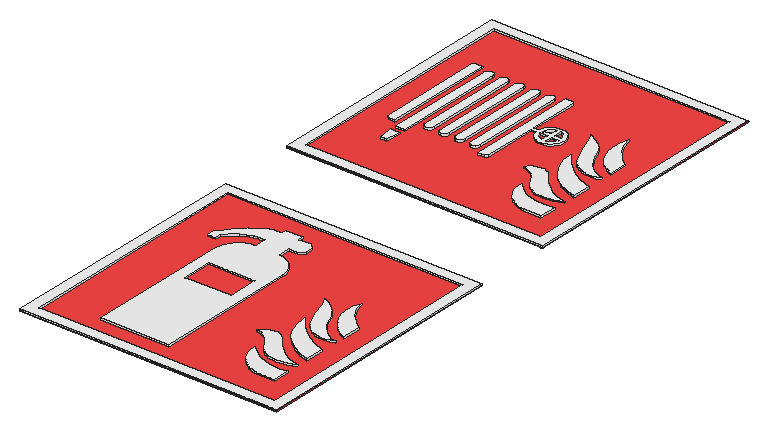
Revit family "GRAS_HW-25N-K-20-30 HS Z", category Osprzęt hydrauliczny, Revit 2018
Family settings
  Obiekt nadrzędny = Powierzchnia
  Wymiar okrągłego złącza = Użyj średnicy
  Typ części = Normalny
  Tnij formami wycięć po wczytaniu = Nie
  Współdzielony = Nie
  Punkt obliczania pomieszczeń = Nie
Parameters (values of type "HW-25N-20/30 HS-Z, RAL3000")
  W1 = 100 mm
  URL = "http://www.gras.pl/"
  Top Right Supply Connection = ""
  Top Left Supply Connection = ""
  Side Right Supply Connection = ""
  Side Left Supply Connection = ""
  Producent = "GRAS PPPH"
  Pictogram_height = 90 mm
  Opis = "http://gras.pl/wp-content/uploads/2020/01/gras-hw-25n-k-20-30-hs-z.pdf"
  Model = "HW-25N-K-20/30 HS-Z, RAL3000"
  K Factor = 42
  H1 = 130 mm
  Flow = 60.0 L/s
  Door_Right - Door_Left [instance] = no
  Default Elevation = 0 mm
  DN = 25 mm
  D1 = 100 mm
  Cabinet width = 995 mm
  Cabinet material = DC01, RAL3000
  Cabinet height = 895 mm
  Cabinet depth = 220 mm
  Back Right Supply Connection = ""
  Back Left Supply Connection = ""
  0 = 0 mm
Types (2, lengths in mm): name | Model | Cabinet material
  HW-25N-20/30 HS-Z, RAL9010 | "HW-25N-K-20/30 HS-Z, RAL9010" | DC01, RAL9010
  HW-25N-20/30 HS-Z, RAL3000 | "HW-25N-K-20/30 HS-Z, RAL3000" | DC01, RAL3000
Reference planes
  plane 1 "Środek (Przód/Tył)": y = 0
  plane 2: z = 0
  plane 3 "Środek (Lewa/Prawa)": x = 0
  plane 4: y = 447.5
  plane 5: y = -447.5
  plane 6: x = -497.5
  plane 7: x = 497.5
  plane 8: z = 220
  plane 9: z = 130
  plane 10: x = 397.5
  plane 11: z = 0
  plane 12: x = -397.5
  plane 13: z = 130
  plane 14: z = 130
Forms (mm)
  Extrusion 1, solid, not visible
    sketch origin (0, 0, 0) x (1, 0, 0) y (0, 1, 0)
      loop
        line (-1219.2, 1219.2) -> (-1219.2, -1219.2) -> (1219.2, -1219.2) -> (1219.2, 1219.2) -> (-1219.2, 1219.2)
    from 0 to -304.8
Dimensions and locks
  equal spacing: plane 4, plane 1 "Środek (Przód/Tył)", plane 5
  "Cabinet height": plane 4 to plane 5
  equal spacing: plane 6, plane 3 "Środek (Lewa/Prawa)", plane 7
  "Cabinet width": plane 6 to plane 7
  "Cabinet depth": plane 8 to Extrusion 1
  "0": nested 1 to plane 8
  "0": plane 3 "Środek (Lewa/Prawa)" to nested 1
  "0": plane 3 "Środek (Lewa/Prawa)" to nested 2
  "0": plane 1 "Środek (Przód/Tył)" to nested 2
  "Pictogram_height": plane 4 to nested 1
  "0": nested 2 to nested 3
  locked: nested 1 to nested 3 at 45
  aligned and locked: plane 2 to Extrusion 1
  aligned and locked: level to Extrusion 1
Automatic sketch dimensions
  Extrusion 1 sketch curve to Extrusion 1 sketch curve = 2438.4 mm  (x2)
Nested families
  nested 1: "pictogram_hydrant" at (0, 282.5, 220), type "150x150"
  nested 2: "Cabinet_complet" at (0, 0, 0), visible <- "Door_Right - Door_Left", type "Cabinet_complet"
    with Visible_Right yes, Left_Right no, Width 995 mm, Flow 60.0 L/s, Door_Width 995 mm, Door_Rubber 198 mm, Depth 220 mm
  nested 3: "pictogram_fire_extinguisher" at (0, 87.5, 220), type "150x150"
Connectors
  piping at (496.5, 317.5, 100), diameter 25, driven by "DN", driven by "Flow"
    settings: on nested 2, index 1, connector inside diameter 609.6 mm, connector length 0 mm, flow factor 0, pipe flow 60.0 L/s, pressure drop 0.0 Pa, fitting loss kfactor 0, connector angle 0.00°, fixture units 0, engagement length 0 mm, angle of deflection 0.00°, flow configuration 0, flow direction 0, fitting loss method 0, system type 7, joint type 0, gender type 0, connector reference index -1, connector utility 0, adjustable connector no, is connector primary yes, connector description ""
  piping at (397.5, 317.5, 1), diameter 25, driven by "DN", driven by "Flow"
    settings: on nested 2, index 2, connector inside diameter 609.6 mm, connector length 0 mm, flow factor 0, pipe flow 60.0 L/s, pressure drop 0.0 Pa, fitting loss kfactor 0, connector angle 0.00°, fixture units 0, engagement length 0 mm, angle of deflection 0.00°, flow configuration 0, flow direction 0, fitting loss method 0, system type 7, joint type 0, gender type 0, connector reference index -1, connector utility 0, adjustable connector no, is connector primary no, connector description ""
  piping at (-497.5, 317.5, 100), diameter 25, driven by "DN", driven by "Flow"
    settings: on nested 2, index 3, connector inside diameter 609.6 mm, connector length 0 mm, flow factor 0, pipe flow 60.0 L/s, pressure drop 0.0 Pa, fitting loss kfactor 0, connector angle 0.00°, fixture units 0, engagement length 0 mm, angle of deflection 0.00°, flow configuration 0, flow direction 0, fitting loss method 0, system type 19, joint type 0, gender type 0, connector reference index -1, connector utility 0, adjustable connector no, is connector primary no, connector description ""
  piping at (-397.5, 317.5, 0), diameter 25, driven by "DN"
    settings: on nested 2, index 4, connector inside diameter 609.6 mm, connector length 0 mm, flow factor 0, pipe flow 0.0 L/s, pressure drop 0.0 Pa, fitting loss kfactor 0, connector angle 0.00°, fixture units 0, engagement length 0 mm, angle of deflection 0.00°, flow configuration 0, flow direction 0, fitting loss method 0, system type 19, joint type 0, gender type 0, connector reference index -1, connector utility 0, adjustable connector no, is connector primary no, connector description ""
Definition of nested family "pictogram_hydrant"
  Parameters (values of type "150x150")
    pictogram_color_white = none
    pictogram_color_red = none
    W = 150 mm
    H = 150 mm
    Default Elevation = 1219.2 mm
  Reference planes
    plane 1 "Środek (Przód/Tył)": y = 0
    plane 2: z = 0
    plane 3 "Środek (Lewa/Prawa)": x = 0
    plane 4: x = -75
    plane 5: x = 75
    plane 6: y = 75
    plane 7: x = -75
    plane 8: x = 75
    plane 9: y = 75
    plane 10: y = -75
  Forms (mm)
    Extrusion 1, solid, material <- "pictogram_color_white", detail levels fine
      sketch origin (0, 0, 0) x (1, 0, 0) y (0, 1, 0)
        loop
          arc (-42.375, 34.5) -> (-45, 37.125) -> (-47.625, 34.5) r 2.625
          line (-47.625, 34.5) -> (-47.625, -29.625) -> (-42.375, -29.625) -> (-42.375, 34.5)
        loop
          arc (-38.625, -19.5) -> (-36, -22.125) -> (-33.375, -19.5) r 2.625
          line (-33.375, -19.5) -> (-33.375, 34.5)
          arc (-33.375, 34.5) -> (-36, 37.125) -> (-38.625, 34.5) r 2.625
          line (-38.625, 34.5) -> (-38.625, -19.5)
        loop
          arc (-29.625, -19.5) -> (-27, -22.125) -> (-24.375, -19.5) r 2.625
          line (-24.375, -19.5) -> (-24.375, 34.5)
          arc (-24.375, 34.5) -> (-27, 37.125) -> (-29.625, 34.5) r 2.625
          line (-29.625, 34.5) -> (-29.625, -19.5)
        loop
          arc (-20.625, -19.5) -> (-18, -22.125) -> (-15.375, -19.5) r 2.625
          line (-15.375, -19.5) -> (-15.375, 34.5)
          arc (-15.375, 34.5) -> (-18, 37.125) -> (-20.625, 34.5) r 2.625
          line (-20.625, 34.5) -> (-20.625, -19.5)
        loop
          arc (-11.625, -19.5) -> (-9, -22.125) -> (-6.375, -19.5) r 2.625
          line (-6.375, -19.5) -> (-6.375, 34.5)
          arc (-6.375, 34.5) -> (-9, 37.125) -> (-11.625, 34.5) r 2.625
          line (-11.625, 34.5) -> (-11.625, -19.5)
        loop
          arc (8.096, 6.375) -> (9.601, 3.593) -> (12.375, 2.075) r 5.587
          line (12.375, 2.075) -> (12.375, 6.375) -> (8.096, 6.375)
        loop
          arc (14.625, 2.05) -> (17.477, 3.549) -> (19.026, 6.375) r 5.587
          line (19.026, 6.375) -> (14.625, 6.375) -> (14.625, 2.05)
        loop
          arc (12.375, 12.994) -> (9.576, 11.45) -> (8.081, 8.625) r 5.587
          line (8.081, 8.625) -> (12.375, 8.625) -> (12.375, 12.994)
        loop
          arc (19.04, 8.625) -> (17.502, 11.494) -> (14.625, 13.019) r 5.587
          line (14.625, 13.019) -> (14.625, 8.625) -> (19.04, 8.625)
        loop
          arc (30.735, -35.586) -> (34.985, -47.78) -> (46.5, -53.625) r 17.285
          line (46.5, -53.625) -> (56.625, -53.625) -> (56.625, -43.857)
          arc (56.625, -43.857) -> (42.542, -43.284) -> (30.735, -35.586) r 26.558
        loop
          arc (43.5, 26.625) -> (44.037, 9.214) -> (56.632, -2.819) r 22.981
          line (56.632, -2.819) -> (56.601, 7.732)
          arc (56.601, 7.732) -> (48.159, 15.867) -> (43.5, 26.625) r 29.857
        loop
          arc (36.375, -1.5) -> (44.77, -9.178) -> (56.121, -8.425) r 14.487
          arc (56.121, -8.425) -> (50.239, -6.221) -> (45.629, -1.954) r 16.287
          arc (45.629, -1.954) -> (42.437, 2.964) -> (40.404, 8.464) r 26.509
          arc (40.404, 8.464) -> (34.776, 15.029) -> (27.375, 19.5) r 27.251
          arc (27.375, 19.5) -> (29.19, 16.657) -> (30.375, 13.5) r 16.152
          arc (30.375, 13.5) -> (32.842, 5.787) -> (36.375, -1.5) r 57.118
        loop
          line (75, -75) -> (75, 75) -> (-75, 75) -> (-75, -75) -> (75, -75)
        loop
          line (69, -69) -> (69, 69) -> (-69, 69) -> (-69, -69) -> (69, -69)
        loop
          line (-55.125, -25.5) -> (-51.375, -25.5) -> (-51.375, 38.625) -> (-55.125, 38.625) -> (-56.625, 37.125) -> (-56.625, -24) -> (-55.125, -25.5)
        loop
          line (-43.234, -41.671) -> (-42.368, -33.375) -> (-47.658, -33.375) -> (-46.721, -41.671) -> (-43.234, -41.671)
        loop
          line (5.748, 8.625) -> (2.625, 8.625) -> (2.625, 37.125) -> (1.125, 38.625) -> (-2.625, 38.625) -> (-2.625, -25.5) -> (1.125, -25.5) -> (2.625, -24) -> (2.625, 6.375) -> (5.748, 6.375)
          arc (5.748, 6.375) -> (21.333, 7.5) -> (5.748, 8.625) r 7.833
        loop
          arc (56.626, -18.699) -> (42.495, -11.687) -> (31.5, -0.375) r 46.748
          arc (31.5, -0.375) -> (38.925, -19.413) -> (56.626, -29.624) r 30.825
          line (56.626, -29.624) -> (56.626, -18.699)
        loop
          arc (30.403, -18.389) -> (25.366, -19.297) -> (21.375, -22.5) r 10.383
          arc (21.375, -22.5) -> (27.7, -25.134) -> (32.166, -30.331) r 14.829
          arc (32.166, -30.331) -> (35.524, -35.29) -> (40.5, -38.625) r 15.649
          arc (40.5, -38.625) -> (48.741, -38.75) -> (56.621, -36.335) r 26.465
          arc (56.621, -36.335) -> (49.534, -34.515) -> (43.5, -30.375) r 21.005
          arc (43.5, -30.375) -> (39.113, -26.466) -> (35.439, -21.881) r 35.088
          arc (35.439, -21.881) -> (33.209, -19.719) -> (30.403, -18.389) r 9.54
      from 0.2 to 1
    Extrusion 2, solid, material <- "pictogram_color_red", detail levels fine
      sketch origin (0, 0, 0) x (1, 0, 0) y (0, 1, 0)
        loop
          line (-75, 75) -> (-75, -75) -> (75, -75) -> (75, 75) -> (-75, 75)
      from 0 to 0.2
  Dimensions and locks
    equal spacing: plane 7, plane 3 "Środek (Lewa/Prawa)", plane 8
    "W": plane 7 to plane 8
    equal spacing: plane 9, plane 1 "Środek (Przód/Tył)", plane 10
    "H": plane 9 to plane 10
    aligned and locked: level to plane 2
    aligned and locked: Extrusion 1 to Extrusion 2  (x2)
    aligned and locked: Extrusion 2 to Extrusion 1  (x3)
    aligned and locked: Extrusion 1 to plane 7
    aligned and locked: plane 8 to Extrusion 1
    aligned and locked: plane 9 to Extrusion 1
    aligned and locked: Extrusion 1 to plane 10
  Automatic sketch dimensions
    Extrusion 1 sketch curve to Extrusion 1 sketch curve = 0 mm  (x22)
    Extrusion 1 sketch curve to plane 4 = 0 mm
    Extrusion 1 sketch curve to plane 5 = 0 mm
    Extrusion 1 sketch curve to plane 6 = 0 mm
    plane 4 to Extrusion 1 sketch curve = 6 mm
    plane 4 to Extrusion 1 sketch curve = 18.375 mm
    Extrusion 1 sketch curve to Extrusion 1 sketch curve = 1.5 mm  (x7)
    Extrusion 1 sketch curve to Extrusion 1 sketch curve = 3.75 mm  (x6)
    Extrusion 1 sketch curve to Extrusion 1 sketch curve = 3.717 mm
    Extrusion 1 sketch curve to Extrusion 1 sketch curve = 0.033 mm
    Extrusion 1 sketch curve to Extrusion 1 sketch curve = 0.938 mm
    Extrusion 1 sketch curve to Extrusion 1 sketch curve = 2.625 mm  (x7)
    Extrusion 1 sketch curve to Extrusion 1 sketch curve = 3.487 mm
    Extrusion 1 sketch curve to Extrusion 1 sketch curve = 0.007 mm
    Extrusion 1 sketch curve to plane 3 "Środek (Lewa/Prawa)" = 2.625 mm
    plane 3 "Środek (Lewa/Prawa)" to Extrusion 1 sketch curve = 1.125 mm  (x2)
    plane 3 "Środek (Lewa/Prawa)" to Extrusion 1 sketch curve = 2.625 mm
    Extrusion 1 sketch curve to Extrusion 1 sketch curve = 3.123 mm
    Extrusion 1 sketch curve to Extrusion 1 sketch curve = 2.333 mm
    Extrusion 1 sketch curve to Extrusion 1 sketch curve = 0.014 mm  (x2)
    Extrusion 1 sketch curve to Extrusion 1 sketch curve = 4.294 mm
    Extrusion 1 sketch curve to Extrusion 1 sketch curve = 1.125 mm  (x2)
    Extrusion 1 sketch curve to Extrusion 1 sketch curve = 0.061 mm
    Extrusion 1 sketch curve to Extrusion 1 sketch curve = 1.064 mm  (x2)
    Extrusion 1 sketch curve to Extrusion 1 sketch curve = 0.118 mm
    Extrusion 1 sketch curve to Extrusion 1 sketch curve = 2.539 mm
    plane 3 "Środek (Lewa/Prawa)" to Extrusion 1 sketch curve = 18.99 mm
    Extrusion 1 sketch curve to Extrusion 1 sketch curve = 4.401 mm
    Extrusion 1 sketch curve to Extrusion 1 sketch curve = 8.783 mm
    Extrusion 1 sketch curve to Extrusion 1 sketch curve = 1.895 mm
    plane 1 "Środek (Przód/Tył)" to Extrusion 1 sketch curve = 12.549 mm
    Extrusion 1 sketch curve to Extrusion 1 sketch curve = 15.349 mm
    Extrusion 1 sketch curve to plane 5 = 28.5 mm
    Extrusion 1 sketch curve to Extrusion 1 sketch curve = 1.545 mm
    Extrusion 1 sketch curve to Extrusion 1 sketch curve = 1.437 mm
    Extrusion 1 sketch curve to plane 1 "Środek (Przód/Tył)" = 4.493 mm
    Extrusion 1 sketch curve to Extrusion 1 sketch curve = 4.546 mm
    Extrusion 1 sketch curve to Extrusion 1 sketch curve = 4.061 mm
    Extrusion 1 sketch curve to Extrusion 1 sketch curve = 7.037 mm
    Extrusion 1 sketch curve to Extrusion 1 sketch curve = 10.125 mm
    Extrusion 1 sketch curve to Extrusion 1 sketch curve = 8.626 mm
    plane 1 "Środek (Przód/Tył)" to Extrusion 1 sketch curve = 2.819 mm
    Extrusion 1 sketch curve to Extrusion 1 sketch curve = 7.068 mm
    Extrusion 1 sketch curve to Extrusion 1 sketch curve = 1.594 mm
    Extrusion 1 sketch curve to Extrusion 1 sketch curve = 2.188 mm
    Extrusion 1 sketch curve to plane 1 "Środek (Przód/Tył)" = 0.672 mm
    Extrusion 1 sketch curve to Extrusion 1 sketch curve = 5.675 mm
    plane 1 "Środek (Przód/Tył)" to Extrusion 1 sketch curve = 2.314 mm
    Extrusion 1 sketch curve to Extrusion 1 sketch curve = 2.258 mm
    Extrusion 1 sketch curve to plane 5 = 9.975 mm
    Extrusion 1 sketch curve to Extrusion 1 sketch curve = 1.108 mm
    Extrusion 1 sketch curve to plane 5 = 6 mm
    Extrusion 1 sketch curve to plane 5 = 4.96 mm
    Extrusion 1 sketch curve to plane 5 = 2.306 mm
    plane 5 to Extrusion 1 sketch curve = 10.875 mm
    Extrusion 1 sketch curve to Extrusion 1 sketch curve = 12.572 mm
    Extrusion 1 sketch curve to Extrusion 1 sketch curve = 5.437 mm
    Extrusion 1 sketch curve to Extrusion 1 sketch curve = 3.308 mm
    plane 1 "Środek (Przód/Tył)" to Extrusion 1 sketch curve = 19.5 mm
    Extrusion 1 sketch curve to Extrusion 1 sketch curve = 4.5 mm  (x2)
    Extrusion 1 sketch curve to Extrusion 1 sketch curve = 6.213 mm
    Extrusion 1 sketch curve to Extrusion 1 sketch curve = 3.361 mm
    Extrusion 1 sketch curve to Extrusion 1 sketch curve = 1.186 mm
    Extrusion 1 sketch curve to Extrusion 1 sketch curve = 10.925 mm
    Extrusion 1 sketch curve to Extrusion 1 sketch curve = 4.125 mm
    Extrusion 1 sketch curve to Extrusion 1 sketch curve = 6.781 mm
    Extrusion 1 sketch curve to Extrusion 1 sketch curve = 9.577 mm
    Extrusion 1 sketch curve to Extrusion 1 sketch curve = 8.296 mm
    Extrusion 1 sketch curve to Extrusion 1 sketch curve = 7.452 mm
    Extrusion 1 sketch curve to Extrusion 1 sketch curve = 9.768 mm
    Extrusion 1 sketch curve to Extrusion 1 sketch curve = 27.329 mm
    Extrusion 1 sketch curve to Extrusion 1 sketch curve = 6 mm
    plane 1 "Środek (Przód/Tył)" to Extrusion 1 sketch curve = 5.765 mm
    Extrusion 1 sketch curve to plane 1 "Środek (Przód/Tył)" = 2.05 mm
    Extrusion 1 sketch curve to plane 1 "Środek (Przód/Tył)" = 2.075 mm
    Extrusion 1 sketch curve to Extrusion 1 sketch curve = 4.325 mm
    Extrusion 1 sketch curve to Extrusion 1 sketch curve = 0.034 mm
    Extrusion 1 sketch curve to plane 1 "Środek (Przód/Tył)" = 7.642 mm
    Extrusion 1 sketch curve to Extrusion 1 sketch curve = 0.09 mm
    Extrusion 1 sketch curve to Extrusion 1 sketch curve = 2.25 mm
    Extrusion 1 sketch curve to Extrusion 1 sketch curve = 0.809 mm
    Extrusion 1 sketch curve to Extrusion 1 sketch curve = 7.206 mm
    Extrusion 1 sketch curve to Extrusion 1 sketch curve = 3.727 mm
    Extrusion 1 sketch curve to Extrusion 1 sketch curve = 7.508 mm
    Extrusion 1 sketch curve to Extrusion 1 sketch curve = 0.917 mm
    Extrusion 1 sketch curve to Extrusion 1 sketch curve = 6.797 mm
    Extrusion 1 sketch curve to plane 1 "Środek (Przód/Tył)" = 34.5 mm
    Extrusion 1 sketch curve to plane 6 = 6 mm
    Extrusion 1 sketch curve to Extrusion 1 sketch curve = 6.399 mm
    Extrusion 1 sketch curve to Extrusion 1 sketch curve = 8.335 mm
    Extrusion 1 sketch curve to Extrusion 1 sketch curve = 3 mm
    Extrusion 1 sketch curve to Extrusion 1 sketch curve = 2.63 mm
    Extrusion 1 sketch curve to Extrusion 1 sketch curve = 2.497 mm
    Extrusion 1 sketch curve to Extrusion 1 sketch curve = 5.036 mm
    plane 1 "Środek (Przód/Tył)" to Extrusion 1 sketch curve = 1.5 mm
    Extrusion 1 sketch curve to Extrusion 1 sketch curve = 4.875 mm
    Extrusion 1 sketch curve to plane 1 "Środek (Przód/Tył)" = 8.464 mm
    Extrusion 1 sketch curve to Extrusion 1 sketch curve = 7.5 mm
    Extrusion 1 sketch curve to Extrusion 1 sketch curve = 3.063 mm
    plane 1 "Środek (Przód/Tył)" to Extrusion 1 sketch curve = 1.954 mm
    Extrusion 1 sketch curve to Extrusion 1 sketch curve = 0.005 mm
    Extrusion 2 sketch curve to plane 4 = 0 mm
    Extrusion 2 sketch curve to plane 5 = 0 mm
    Extrusion 2 sketch curve to plane 6 = 0 mm
    plane 1 "Środek (Przód/Tył)" to Extrusion 2 sketch curve = 75 mm
Definition of nested family "Cabinet_complet"
  Parameters (values of type "Cabinet_complet")
    W1 = 100 mm
    Visible_Right = not(Left_Right)  # no
    Thickness = 1 mm
    Rubber = 8 mm
    Roof = 40 mm
    Material_hinge_lock = none
    Material = none
    Left_Right = yes
    Hinge_H2 = Height - Roof - Frame - 100 mm  # 733 mm
    Hinge_H1 = 100 mm
    Half_Height = Height / 2  # 447.5 mm
    Height = 895 mm
    Width = 795 mm
    H1 = 130 mm
    Gap = 4 mm
    Frame = 22 mm
    Flow = 35.0 L/s
    Door_Width = Width  # 795 mm
    Door_Rubber = Depth - Door_Depth  # 228 mm
    Door_Height = Height - Gap - Roof - Frame  # 829 mm
    Door_Half_Height = Door_Height / 2  # 414.5 mm
    Door_Depth = 22 mm
    Depth = 250 mm
    DN_Hole = DN + 20 mm  # 45 mm
    DN = 25 mm
    D1 = 100 mm
    0 = 0 mm
  Reference planes
    plane 1 "Środek (Przód/Tył)": y = 0
    plane 2: z = 0
    plane 3 "Środek (Lewa/Prawa)": x = 0
    plane 4: z = 250
    plane 5: y = 895
    plane 6: y = -447.5
    plane 7: x = 397.5
    plane 8: x = -397.5
    plane 9: y = -33
  Dimensions and locks
    "0": plane 3 "Środek (Lewa/Prawa)" to nested 1
    "0": plane 1 "Środek (Przód/Tył)" to nested 1
    "Height": plane 5 to plane 1 "Środek (Przód/Tył)"
    "0": plane 3 "Środek (Lewa/Prawa)" to nested 2
    "Door_Rubber": nested 2 to plane 2
    "Half_Height": plane 1 "Środek (Przód/Tył)" to plane 6
    "0": nested 2 to plane 6
    equal spacing: plane 7, plane 3 "Środek (Lewa/Prawa)", plane 8
    "Width": plane 7 to plane 8
    "Depth": plane 4 to level
    "0": nested 3 to plane 8
    "0": nested 4 to plane 8
    "Hinge_H1": plane 6 to nested 4
    "Hinge_H2": nested 3 to plane 6
    "Gap": nested 3 to plane 4
    "Gap": plane 4 to nested 4
    "0": nested 6 to plane 8
    "0": plane 7 to nested 5
    "Door_Half_Height": plane 9 to plane 6
    "0": plane 9 to nested 5
    "0": nested 6 to plane 9
    "Gap": nested 6 to plane 4
    "Gap": plane 4 to nested 5
    "0": plane 3 "Środek (Lewa/Prawa)" to nested 7
    "0": nested 7 to plane 1 "Środek (Przód/Tył)"
    "0": plane 7 to nested 8
    "0": plane 7 to nested 9
    "Hinge_H1": plane 6 to nested 9
    "Hinge_H2": plane 6 to nested 8
    "Gap": plane 4 to nested 9
    "Gap": plane 4 to nested 8
    aligned and locked: level to plane 2
  Nested families
    nested 1: "HS-Z v2" at (0, 0, 0), visible <- "Visible_Right", type "HS-Z v2"
      with Srednica 45 mm
    nested 2: "door" at (0, -33, 228), type "door"
    nested 3: "zawias" at (-402.5, 310.5, 216) x (-1, 0, 0) z (0, 0, 1), visible <- "Left_Right", type "zawias"
    nested 4: "zawias" at (-402.5, -322.5, 216) x (-1, 0, 0) z (0, 0, 1), visible <- "Left_Right", type "zawias"
    nested 5: "zamek" at (397.5, -33, 211), visible <- "Left_Right", type "zamek"
    nested 6: "zamek" at (-397.5, -33, 211) x (-1, 0, 0) z (0, 0, 1), visible <- "Visible_Right", type "zamek"
    nested 7: "HS-Z v2" at (0, 0, 0) x (-1, 0, 0) z (0, 0, 1), visible <- "Left_Right", type "HS-Z v2"
      with Srednica 45 mm
    nested 8: "zawias" at (402.5, 310.5, 216), visible <- "Visible_Right", type "zawias"
    nested 9: "zawias" at (402.5, -322.5, 216), visible <- "Visible_Right", type "zawias"
  Definition of nested family "HS-Z v2"
    Parameters (values of type "HS-Z v2")
      Width = 795 mm
      W1 = 100 mm
      D1 = 100 mm
      Thickness = 1 mm
      Srednica = 100 mm
      Rubber = 8 mm
      Roof_out = 10 mm
      Roof_Height = 40 mm
      Materiał = none
      Height = 895 mm
      H1 = 130 mm
      Frame = 22 mm
      Door_Depth_rubber = Door_Depth + Rubber  # 30 mm
      Door_Depth = 22 mm
      Depth = 250 mm
      DN = 45 mm
      Cabinet_depth = Depth - Door_Depth_rubber  # 220 mm
      0 = 0 mm
    Reference planes
      plane 1 "Środek (Przód/Tył)": y = 0
      plane 2: z = 0
      plane 3 "Środek (Lewa/Prawa)": x = 0
      plane 4: x = -397.5
      plane 5: x = 397.5
      plane 6: y = 447.5
      plane 7: y = -447.5
      plane 8: z = 250
      plane 9: z = 220
      plane 10: y = 407.5
      plane 11: y = 385.5
      plane 12: z = 260
      plane 13: y = 363.5
      plane 14: z = 259
      plane 15: z = 1
      plane 16: y = -446.5
      plane 17: z = 219
      plane 18: y = 446.5
      plane 19: y = 386.5
      plane 20: y = 406.5
      plane 21: x = 396.5
      plane 22: x = -396.5
      plane 23: x = -375.5
      plane 24: x = 375.5
      plane 25: y = -425.5
      plane 26: y = 317.5
      plane 27: z = 100
      plane 28: x = 297.5
    Forms (mm)
      Extrusion 1, solid, material <- "Materiał"
        sketch origin (0, 0, 0) x (0, 1, 0) y (0, 0, 1)
          loop
            line (447.5, 0) -> (407.5, 260) -> (385.5, 260) -> (391.654, 220) -> (-447.5, 220) -> (-447.5, 0) -> (447.5, 0)
        from -397.5 to 397.5
      Extrusion 2, void
        sketch origin (0, 0, 0) x (0, 1, 0) y (0, 0, 1)
          loop
            line (446.5, 1) -> (406.5, 259) -> (386.5, 259) -> (392.702, 219) -> (-446.5, 219) -> (-446.5, 1) -> (446.5, 1)
        from -396.5 to 396.5
      Extrusion 3, void
        sketch origin (0, 0, 0) x (1, 0, 0) y (0, 1, 0)
          loop
            line (-375.5, 363.5) -> (-375.5, -425.5) -> (375.5, -425.5) -> (375.5, 363.5) -> (-375.5, 363.5)
        from 1 to 260
      Extrusion 4, void
        sketch origin (0, 0, 0) x (1, 0, 0) y (0, 1, 0)
          loop
            circle (297.5, 317.5) r 22.5
        from 0 to 110
      Extrusion 5, void
        sketch origin (397.5, 0, 0) x (0, -1, 0) y (0, 0, 1)
          loop
            circle (-317.5, 100) r 22.5
        from 0 to 1
    Cuts and joins
      Extrusion 2, Extrusion 3, Extrusion 4, Extrusion 5 cuts Extrusion 1
    Dimensions and locks
      equal spacing: plane 4, plane 3 "Środek (Lewa/Prawa)", plane 5
      "Width": plane 4 to plane 5
      equal spacing: plane 6, plane 1 "Środek (Przód/Tył)", plane 7
      "Height": plane 6 to plane 7
      "Roof_Height": plane 6 to plane 10
      "Frame": plane 10 to plane 11
      "Cabinet_depth": plane 9 to plane 2
      "Depth": plane 8 to plane 2
      "Roof_out": plane 12 to plane 8
      "Frame": plane 11 to plane 13
      "Thickness": plane 12 to plane 14
      "Thickness": plane 15 to plane 2
      "Thickness": plane 16 to plane 7
      "Thickness": plane 9 to plane 17
      "Thickness": plane 6 to plane 18
      "Thickness": plane 19 to plane 11
      "Thickness": plane 10 to plane 20
      "Thickness": plane 4 to plane 22
      "Thickness": plane 21 to plane 5
      "Frame": plane 25 to plane 7
      "Frame": plane 4 to plane 23
      "Frame": plane 24 to plane 5
      "0": cut or joined group of Extrusion 1, Extrusion 2, Extrusion 3, Extrusion 4, Extrusion 5 to plane 5
      "0": plane 4 to cut or joined group of Extrusion 1, Extrusion 2, Extrusion 3, Extrusion 4, Extrusion 5
      "0": plane 22 to cut or joined group of Extrusion 1, Extrusion 2, Extrusion 3, Extrusion 4, Extrusion 5
      "0": cut or joined group of Extrusion 1, Extrusion 2, Extrusion 3, Extrusion 4, Extrusion 5 to plane 21
      "0": plane 12 to cut or joined group of Extrusion 1, Extrusion 2, Extrusion 3, Extrusion 4, Extrusion 5
      "D1": plane 27 to level
      "H1": plane 6 to plane 26
      "W1": plane 28 to plane 5
      "0": cut or joined group of Extrusion 1, Extrusion 2, Extrusion 3, Extrusion 4, Extrusion 5 to cut or joined group of Extrusion 1, Extrusion 2, Extrusion 3, Extrusion 4, Extrusion 5
      "0": plane 21 to cut or joined group of Extrusion 1, Extrusion 2, Extrusion 3, Extrusion 4, Extrusion 5
      "0": Extrusion 5 sketch curve to plane 26
      "0": Extrusion 5 sketch curve to plane 27
      "DN": diameter of Extrusion 4 sketch curve
      "DN": diameter of Extrusion 5 sketch curve
      aligned and locked: level to plane 2
    Automatic sketch dimensions
      Extrusion 1 sketch curve to plane 7 = 0 mm
      Extrusion 1 sketch curve to plane 11 = 0 mm
      Extrusion 1 sketch curve to plane 9 = 0 mm
      Extrusion 1 sketch curve to plane 10 = 0 mm
      Extrusion 1 sketch curve to level = 0 mm
      Extrusion 1 sketch curve to plane 6 = 0 mm
      Extrusion 1 sketch curve to plane 12 = 0 mm
      Extrusion 1 sketch curve to plane 11 = 6.154 mm
      Extrusion 2 sketch curve to plane 16 = 0 mm
      Extrusion 2 sketch curve to plane 15 = 0 mm
      Extrusion 2 sketch curve to plane 14 = 0 mm
      Extrusion 2 sketch curve to plane 19 = 0 mm
      Extrusion 2 sketch curve to plane 17 = 0 mm
      Extrusion 2 sketch curve to plane 20 = 0 mm
      Extrusion 2 sketch curve to plane 18 = 0 mm
      Extrusion 2 sketch curve to plane 19 = 6.202 mm
      Extrusion 3 sketch curve to plane 23 = 0 mm
      plane 13 to Extrusion 3 sketch curve = 0 mm
      Extrusion 3 sketch curve to plane 24 = 0 mm
      Extrusion 3 sketch curve to plane 25 = 0 mm
      plane 26 to Extrusion 4 sketch curve = 0 mm
      Extrusion 4 sketch curve to plane 28 = 0 mm
  Definition of nested family "door"
    Parameters (values of type "door")
      Material = none
      Height = 829 mm
      Width = 795 mm
      Depth = 22 mm
      0 = 0 mm
    Reference planes
      plane 1 "Środek (Przód/Tył)": y = 0
      plane 2: z = 0
      plane 3 "Środek (Lewa/Prawa)": x = 0
      plane 4: x = -397.5
      plane 5: x = 397.5
      plane 6: y = 414.5
      plane 7: y = -414.5
      plane 8: z = 22
    Forms (mm)
      Extrusion 1, solid, material <- "Material"
        sketch origin (0, 0, 0) x (1, 0, 0) y (0, 1, 0)
          loop
            line (-397.5, 414.5) -> (-397.5, -414.5) -> (397.5, -414.5) -> (397.5, 414.5) -> (-397.5, 414.5)
        from 0 to 22
    Dimensions and locks
      equal spacing: plane 6, plane 1 "Środek (Przód/Tył)", plane 7
      equal spacing: plane 4, plane 3 "Środek (Lewa/Prawa)", plane 5
      "Width": plane 4 to plane 5
      "Height": plane 6 to plane 7
      "Depth": plane 8 to plane 2
      "0": plane 8 to Extrusion 1
      aligned and locked: level to plane 2
    Automatic sketch dimensions
      Extrusion 1 sketch curve to plane 4 = 0 mm
      Extrusion 1 sketch curve to plane 5 = 0 mm
      Extrusion 1 sketch curve to plane 7 = 0 mm
      Extrusion 1 sketch curve to plane 6 = 0 mm
  Definition of nested family "zawias"
    Parameters (values of type "zawias")
      width_height = 50 mm
      faza = 3 mm
      Visible = yes
      Materiał = none
      Depth = 10 mm
    Reference planes
      plane 1 "Środek (Przód/Tył)": y = 0
      plane 2: z = 0
      plane 3 "Środek (Lewa/Prawa)": x = 0
      plane 4: x = -25
      plane 5: y = 25
      plane 6: x = 25
      plane 7: y = -25
      plane 8: z = 10
      plane 9: z = 7
      plane 10: x = -3
      plane 11: x = 3
      plane 12: x = 22
      plane 13: x = -22
    Forms (mm)
      Extrusion 1, solid, material <- "Materiał"
        sketch origin (-5, 0, 5) x (0, 0, -1) y (1, 0, 0)
          loop
            line (-25, 0) -> (25, 0) -> (25, 7) -> (22, 10) -> (3, 10) -> (0, 7) -> (-3, 10) -> (-22, 10) -> (-25, 7) -> (-25, 0)
        from -25 to 25
    Dimensions and locks
      equal spacing: plane 4, plane 3 "Środek (Lewa/Prawa)", plane 6
      "width_height": plane 4 to plane 6
      equal spacing: plane 5, plane 1 "Środek (Przód/Tył)", plane 7
      "width_height": plane 5 to plane 7
      "Depth": plane 8 to plane 2
      "faza": plane 8 to plane 9
      "faza": plane 13 to plane 4
      "faza": plane 3 "Środek (Lewa/Prawa)" to plane 10
      "faza": plane 11 to plane 3 "Środek (Lewa/Prawa)"
      "faza": plane 6 to plane 12
      aligned and locked: level to plane 2
    Automatic sketch dimensions
      Extrusion 1 sketch curve to plane 10 = 2 mm
      plane 8 to Extrusion 1 sketch curve = 20 mm
      plane 11 to Extrusion 1 sketch curve = 2 mm  (x2)
      Extrusion 1 sketch curve to Extrusion 1 sketch curve = 3 mm  (x2)
      plane 9 to Extrusion 1 sketch curve = 1 mm
      Extrusion 1 sketch curve to plane 9 = 2 mm
      level to Extrusion 1 sketch curve = 2 mm
      Extrusion 1 sketch curve to level = 17 mm
      Extrusion 1 sketch curve to plane 11 = 1 mm  (x2)
  Definition of nested family "zamek"
    Parameters (values of type "zamek")
      height = 20 mm
      depth = 10 mm
      border = 3 mm
      Width = 35 mm
      Material = none
    Reference planes
      plane 1 "Środek (Przód/Tył)": y = 0
      plane 2: z = 0
      plane 3 "Środek (Lewa/Prawa)": x = 0
      plane 4: y = 10
      plane 5: y = -10
      plane 6: y = -7
      plane 7: y = 7
      plane 8: x = 10
      plane 9: x = 3
      plane 10: y = 4
      plane 11: y = -4
      plane 12: z = 35
    Forms (mm)
      Extrusion 1, solid, material <- "Material"
        sketch origin (0, 0, 0) x (1, 0, 0) y (0, 1, 0)
          loop
            line (0, 10) -> (0, -10) -> (10, -10) -> (10, -7) -> (3, -7) -> (3, -4) -> (10, -4) -> (10, 4) -> (3, 4) -> (3, 7) -> (10, 7) -> (10, 10) -> (0, 10)
        from 0 to 35
    Dimensions and locks
      equal spacing: plane 4, plane 1 "Środek (Przód/Tył)", plane 5
      "height": plane 4 to plane 5
      "border": plane 6 to plane 5
      "border": plane 7 to plane 4
      "border": plane 3 "Środek (Lewa/Prawa)" to plane 9
      "depth": plane 3 "Środek (Lewa/Prawa)" to plane 8
      "border": plane 10 to plane 7
      "border": plane 11 to plane 6
      "Width": plane 12 to plane 2
      aligned and locked: level to plane 2
    Automatic sketch dimensions
      Extrusion 1 sketch curve to plane 3 "Środek (Lewa/Prawa)" = 0 mm
      Extrusion 1 sketch curve to plane 9 = 0 mm  (x2)
      plane 7 to Extrusion 1 sketch curve = 0 mm
      Extrusion 1 sketch curve to plane 8 = 0 mm  (x3)
      Extrusion 1 sketch curve to plane 6 = 0 mm
      Extrusion 1 sketch curve to plane 5 = 0 mm
      Extrusion 1 sketch curve to plane 11 = 0 mm
      plane 10 to Extrusion 1 sketch curve = 0 mm
      Extrusion 1 sketch curve to plane 4 = 0 mm
Definition of nested family "pictogram_fire_extinguisher"
  Parameters (values of type "150x150")
    pictogram_color_white = none
    pictogram_color_red = none
    W = 150 mm
    H = 150 mm
    Default Elevation = 1219.2 mm
  Reference planes
    plane 1 "Środek (Przód/Tył)": y = 0
    plane 2: z = 0
    plane 3 "Środek (Lewa/Prawa)": x = 0
    plane 4: x = -75
    plane 5: x = 75
    plane 6: y = 75
    plane 7: x = -75
    plane 8: x = 75
    plane 9: y = 75
    plane 10: y = -75
  Forms (mm)
    Extrusion 1, solid, material <- "pictogram_color_white", detail levels fine
      sketch origin (0, 0, 0) x (1, 0, 0) y (0, 1, 0)
        loop
          arc (30.735, -35.586) -> (34.985, -47.78) -> (46.5, -53.625) r 17.285
          line (46.5, -53.625) -> (56.625, -53.625) -> (56.625, -43.857)
          arc (56.625, -43.857) -> (42.542, -43.284) -> (30.735, -35.586) r 26.558
        loop
          arc (43.5, 26.625) -> (44.037, 9.214) -> (56.632, -2.819) r 22.981
          line (56.632, -2.819) -> (56.601, 7.732)
          arc (56.601, 7.732) -> (48.159, 15.867) -> (43.5, 26.625) r 29.857
        loop
          arc (36.375, -1.5) -> (44.77, -9.178) -> (56.121, -8.425) r 14.487
          arc (56.121, -8.425) -> (50.239, -6.221) -> (45.629, -1.954) r 16.287
          arc (45.629, -1.954) -> (42.437, 2.964) -> (40.404, 8.464) r 26.509
          arc (40.404, 8.464) -> (34.776, 15.029) -> (27.375, 19.5) r 27.251
          arc (27.375, 19.5) -> (29.19, 16.657) -> (30.375, 13.5) r 16.152
          arc (30.375, 13.5) -> (32.842, 5.787) -> (36.375, -1.5) r 57.118
        loop
          line (75, -75) -> (75, 75) -> (-75, 75) -> (-75, -75) -> (75, -75)
        loop
          line (69, -69) -> (69, 69) -> (-69, 69) -> (-69, -69) -> (69, -69)
        loop
          arc (56.626, -18.699) -> (42.495, -11.687) -> (31.5, -0.375) r 46.748
          arc (31.5, -0.375) -> (38.925, -19.413) -> (56.626, -29.624) r 30.825
          line (56.626, -29.624) -> (56.626, -18.699)
        loop
          arc (30.403, -18.389) -> (25.366, -19.297) -> (21.375, -22.5) r 10.383
          arc (21.375, -22.5) -> (27.7, -25.134) -> (32.166, -30.331) r 14.829
          arc (32.166, -30.331) -> (35.524, -35.29) -> (40.5, -38.625) r 15.649
          arc (40.5, -38.625) -> (48.741, -38.75) -> (56.621, -36.335) r 26.465
          arc (56.621, -36.335) -> (49.534, -34.515) -> (43.5, -30.375) r 21.005
          arc (43.5, -30.375) -> (39.113, -26.466) -> (35.439, -21.881) r 35.088
          arc (35.439, -21.881) -> (33.209, -19.719) -> (30.403, -18.389) r 9.54
        loop
          arc (-28.135, 38.476) -> (-37.385, 33.902) -> (-41.122, 24.284) r 14.248
          line (-41.122, 24.284) -> (-41.122, -58.625) -> (-1.122, -58.625) -> (-1.122, 24.284)
          arc (-1.122, 24.284) -> (-4.874, 33.92) -> (-14.155, 38.48) r 14.248
          line (-14.155, 38.48) -> (-14.155, 45.253) -> (-9.049, 45.253) -> (-6.125, 48.144) -> (-6.125, 52.212) -> (-9.049, 55.098) -> (-16.14, 55.098) -> (-16.14, 57.958) -> (-26.127, 57.958) -> (-26.127, 55.097) -> (-29.697, 55.097)
          arc (-29.697, 55.097) -> (-31.398, 54.767) -> (-32.968, 54.035) r 7.098
          arc (-32.968, 54.035) -> (-36.94, 51.561) -> (-40.771, 48.874) r 85.578
          arc (-40.771, 48.874) -> (-46.273, 44.029) -> (-50.76, 38.23) r 38.589
          arc (-50.76, 38.23) -> (-51.27, 36.952) -> (-51.617, 35.62) r 10.98
          line (-51.617, 35.62) -> (-51.617, 32.886) -> (-47.043, 32.886) -> (-47.043, 35.62)
          arc (-47.043, 35.62) -> (-44.146, 39.006) -> (-40.795, 41.943) r 31.093
          arc (-40.795, 41.943) -> (-37.744, 43.697) -> (-34.414, 44.84) r 18.447
          arc (-34.414, 44.84) -> (-32.773, 45.137) -> (-31.107, 45.231) r 13.644
          line (-31.107, 45.231) -> (-28.135, 45.231) -> (-28.135, 38.476)
        loop
          line (-34.597, 12.634) -> (-34.597, -4.827) -> (-7.612, -4.827) -> (-7.612, 12.634) -> (-34.597, 12.634)
      from 0.2 to 1
    Extrusion 2, solid, material <- "pictogram_color_red", detail levels fine
      sketch origin (0, 0, 0) x (1, 0, 0) y (0, 1, 0)
        loop
          line (-75, 75) -> (-75, -75) -> (75, -75) -> (75, 75) -> (-75, 75)
      from 0 to 0.2
  Dimensions and locks
    equal spacing: plane 7, plane 3 "Środek (Lewa/Prawa)", plane 8
    "W": plane 7 to plane 8
    equal spacing: plane 9, plane 1 "Środek (Przód/Tył)", plane 10
    "H": plane 9 to plane 10
    aligned and locked: level to plane 2
    aligned and locked: Extrusion 1 to Extrusion 2  (x2)
    aligned and locked: Extrusion 2 to Extrusion 1  (x3)
    aligned and locked: Extrusion 1 to plane 7
    aligned and locked: plane 8 to Extrusion 1
    aligned and locked: plane 9 to Extrusion 1
    aligned and locked: Extrusion 1 to plane 10
  Automatic sketch dimensions
    Extrusion 2 sketch curve to plane 4 = 0 mm
    Extrusion 2 sketch curve to plane 5 = 0 mm
    Extrusion 2 sketch curve to plane 6 = 0 mm
    plane 1 "Środek (Przód/Tył)" to Extrusion 2 sketch curve = 75 mm
    Extrusion 1 sketch curve to plane 4 = 0 mm
    Extrusion 1 sketch curve to plane 5 = 0 mm
    Extrusion 1 sketch curve to plane 10 = 0 mm
    Extrusion 1 sketch curve to plane 6 = 0 mm
    plane 4 to Extrusion 1 sketch curve = 6 mm
    plane 3 "Środek (Lewa/Prawa)" to Extrusion 1 sketch curve = 14.743 mm
    plane 1 "Środek (Przód/Tył)" to Extrusion 1 sketch curve = 5.765 mm
    Extrusion 1 sketch curve to Extrusion 1 sketch curve = 2.421 mm
    plane 3 "Środek (Lewa/Prawa)" to Extrusion 1 sketch curve = 18.99 mm
    Extrusion 1 sketch curve to Extrusion 1 sketch curve = 8.783 mm
    Extrusion 1 sketch curve to Extrusion 1 sketch curve = 1.895 mm
    plane 1 "Środek (Przód/Tył)" to Extrusion 1 sketch curve = 12.549 mm
    Extrusion 1 sketch curve to Extrusion 1 sketch curve = 15.349 mm
    Extrusion 1 sketch curve to plane 5 = 28.5 mm
    Extrusion 1 sketch curve to Extrusion 1 sketch curve = 1.545 mm
    Extrusion 1 sketch curve to Extrusion 1 sketch curve = 1.437 mm
    Extrusion 1 sketch curve to plane 1 "Środek (Przód/Tył)" = 4.493 mm
    Extrusion 1 sketch curve to Extrusion 1 sketch curve = 4.546 mm
    Extrusion 1 sketch curve to Extrusion 1 sketch curve = 4.061 mm
    Extrusion 1 sketch curve to Extrusion 1 sketch curve = 7.037 mm
    Extrusion 1 sketch curve to Extrusion 1 sketch curve = 10.125 mm
    Extrusion 1 sketch curve to Extrusion 1 sketch curve = 6.002 mm
    plane 1 "Środek (Przód/Tył)" to Extrusion 1 sketch curve = 2.819 mm
    Extrusion 1 sketch curve to Extrusion 1 sketch curve = 7.068 mm
    Extrusion 1 sketch curve to Extrusion 1 sketch curve = 1.594 mm
    Extrusion 1 sketch curve to Extrusion 1 sketch curve = 2.188 mm
    Extrusion 1 sketch curve to plane 1 "Środek (Przód/Tył)" = 0.672 mm
    Extrusion 1 sketch curve to Extrusion 1 sketch curve = 5.675 mm
    plane 1 "Środek (Przód/Tył)" to Extrusion 1 sketch curve = 2.314 mm
    Extrusion 1 sketch curve to Extrusion 1 sketch curve = 2.258 mm
    Extrusion 1 sketch curve to plane 5 = 9.975 mm
    Extrusion 1 sketch curve to Extrusion 1 sketch curve = 1.108 mm
    Extrusion 1 sketch curve to plane 5 = 6 mm
    Extrusion 1 sketch curve to plane 5 = 4.96 mm
    Extrusion 1 sketch curve to plane 5 = 2.306 mm
    plane 5 to Extrusion 1 sketch curve = 10.875 mm
    Extrusion 1 sketch curve to Extrusion 1 sketch curve = 4.574 mm
    Extrusion 1 sketch curve to Extrusion 1 sketch curve = 6.204 mm
    Extrusion 1 sketch curve to Extrusion 1 sketch curve = 6.525 mm
    Extrusion 1 sketch curve to Extrusion 1 sketch curve = 9.671 mm
    Extrusion 1 sketch curve to Extrusion 1 sketch curve = 0.061 mm
    Extrusion 1 sketch curve to Extrusion 1 sketch curve = 1.05 mm
    Extrusion 1 sketch curve to Extrusion 1 sketch curve = 1.41 mm
    Extrusion 1 sketch curve to Extrusion 1 sketch curve = 1.902 mm
    Extrusion 1 sketch curve to Extrusion 1 sketch curve = 2.972 mm
    Extrusion 1 sketch curve to Extrusion 1 sketch curve = 3.244 mm
    Extrusion 1 sketch curve to Extrusion 1 sketch curve = 3.57 mm
    Extrusion 1 sketch curve to Extrusion 1 sketch curve = 4.846 mm
    Extrusion 1 sketch curve to Extrusion 1 sketch curve = 3.894 mm
    Extrusion 1 sketch curve to Extrusion 1 sketch curve = 9.987 mm
    Extrusion 1 sketch curve to Extrusion 1 sketch curve = 2.765 mm
    Extrusion 1 sketch curve to Extrusion 1 sketch curve = 13.98 mm
    Extrusion 1 sketch curve to Extrusion 1 sketch curve = 7.09 mm
    Extrusion 1 sketch curve to Extrusion 1 sketch curve = 5.106 mm
    Extrusion 1 sketch curve to Extrusion 1 sketch curve = 10.522 mm
    Extrusion 1 sketch curve to Extrusion 1 sketch curve = 2.924 mm
    Extrusion 1 sketch curve to Extrusion 1 sketch curve = 40 mm
    Extrusion 1 sketch curve to Extrusion 1 sketch curve = 17.878 mm
    plane 10 to Extrusion 1 sketch curve = 6 mm
    plane 10 to Extrusion 1 sketch curve = 21.375 mm
    Extrusion 1 sketch curve to Extrusion 1 sketch curve = 9.768 mm
    Extrusion 1 sketch curve to Extrusion 1 sketch curve = 31.371 mm
    Extrusion 1 sketch curve to Extrusion 1 sketch curve = 7.452 mm
    Extrusion 1 sketch curve to Extrusion 1 sketch curve = 6.781 mm
    Extrusion 1 sketch curve to Extrusion 1 sketch curve = 8.39 mm
    Extrusion 1 sketch curve to Extrusion 1 sketch curve = 1.186 mm
    Extrusion 1 sketch curve to Extrusion 1 sketch curve = 5.426 mm
    Extrusion 1 sketch curve to Extrusion 1 sketch curve = 10.925 mm
    Extrusion 1 sketch curve to Extrusion 1 sketch curve = 0.714 mm
    Extrusion 1 sketch curve to Extrusion 1 sketch curve = 3.308 mm
    Extrusion 1 sketch curve to plane 1 "Środek (Przód/Tył)" = 7.642 mm
    Extrusion 1 sketch curve to Extrusion 1 sketch curve = 0.09 mm
    Extrusion 1 sketch curve to plane 1 "Środek (Przód/Tył)" = 9.434 mm
    Extrusion 1 sketch curve to Extrusion 1 sketch curve = 7.206 mm
    Extrusion 1 sketch curve to Extrusion 1 sketch curve = 3.727 mm
    Extrusion 1 sketch curve to Extrusion 1 sketch curve = 7.508 mm
    Extrusion 1 sketch curve to Extrusion 1 sketch curve = 0.917 mm
    Extrusion 1 sketch curve to Extrusion 1 sketch curve = 6.797 mm
    Extrusion 1 sketch curve to plane 6 = 6 mm
    Extrusion 1 sketch curve to Extrusion 1 sketch curve = 14.992 mm
    Extrusion 1 sketch curve to Extrusion 1 sketch curve = 17.461 mm
    Extrusion 1 sketch curve to Extrusion 1 sketch curve = 4.518 mm
    Extrusion 1 sketch curve to Extrusion 1 sketch curve = 0.471 mm
    Extrusion 1 sketch curve to Extrusion 1 sketch curve = 11.65 mm  (x2)
    Extrusion 1 sketch curve to Extrusion 1 sketch curve = 2.616 mm
    Extrusion 1 sketch curve to Extrusion 1 sketch curve = 4.688 mm
    Extrusion 1 sketch curve to Extrusion 1 sketch curve = 8.602 mm
    Extrusion 1 sketch curve to Extrusion 1 sketch curve = 0.64 mm
    Extrusion 1 sketch curve to Extrusion 1 sketch curve = 2.734 mm  (x2)
    Extrusion 1 sketch curve to Extrusion 1 sketch curve = 6.756 mm
    Extrusion 1 sketch curve to Extrusion 1 sketch curve = 6.773 mm
    Extrusion 1 sketch curve to Extrusion 1 sketch curve = 2.785 mm
    Extrusion 1 sketch curve to Extrusion 1 sketch curve = 2.891 mm
    Extrusion 1 sketch curve to Extrusion 1 sketch curve = 4.067 mm
    Extrusion 1 sketch curve to Extrusion 1 sketch curve = 7.081 mm
    Extrusion 1 sketch curve to Extrusion 1 sketch curve = 0.001 mm
    Extrusion 1 sketch curve to Extrusion 1 sketch curve = 2.862 mm
    Extrusion 1 sketch curve to Extrusion 1 sketch curve = 6.399 mm
    Extrusion 1 sketch curve to Extrusion 1 sketch curve = 12.632 mm
    Extrusion 1 sketch curve to Extrusion 1 sketch curve = 3 mm
    Extrusion 1 sketch curve to Extrusion 1 sketch curve = 2.63 mm
    Extrusion 1 sketch curve to Extrusion 1 sketch curve = 2.497 mm
    Extrusion 1 sketch curve to Extrusion 1 sketch curve = 5.036 mm
    plane 1 "Środek (Przód/Tył)" to Extrusion 1 sketch curve = 1.5 mm
    Extrusion 1 sketch curve to Extrusion 1 sketch curve = 4.875 mm
    Extrusion 1 sketch curve to plane 1 "Środek (Przód/Tył)" = 8.464 mm
    Extrusion 1 sketch curve to Extrusion 1 sketch curve = 7.5 mm
    Extrusion 1 sketch curve to Extrusion 1 sketch curve = 3.063 mm
    plane 1 "Środek (Przód/Tył)" to Extrusion 1 sketch curve = 1.954 mm
    Extrusion 1 sketch curve to Extrusion 1 sketch curve = 0.005 mm
    Extrusion 1 sketch curve to Extrusion 1 sketch curve = 0.857 mm
    Extrusion 1 sketch curve to Extrusion 1 sketch curve = 0.044 mm
    Extrusion 1 sketch curve to Extrusion 1 sketch curve = 0.024 mm
    plane 4 to Extrusion 1 sketch curve = 23.383 mm
    Extrusion 1 sketch curve to Extrusion 1 sketch curve = 0.283 mm
    plane 10 to Extrusion 1 sketch curve = 16.375 mm
    Extrusion 1 sketch curve to Extrusion 1 sketch curve = 2.681 mm
